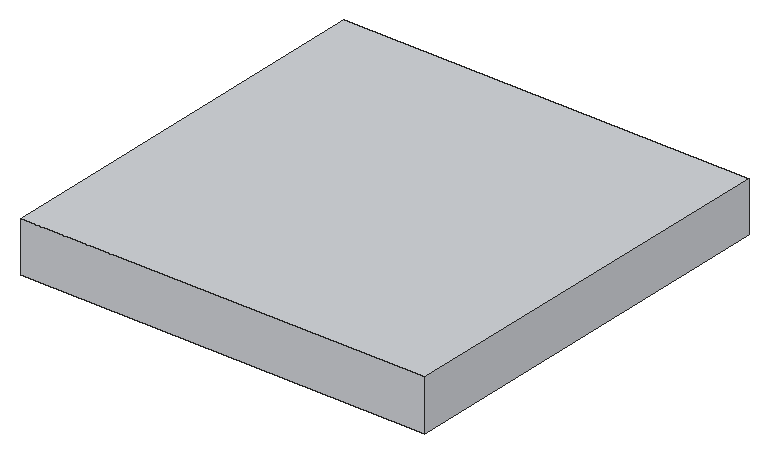
Revit family "Sanitary_Taps-Mixers_DELABIE_180110-Floor-standing-ILHA-JR-drinking-f postraitement", category Appareils sanitaires, Revit 2018
Family settings
  Hôte = Face
  Cote de connecteur circulaire = Utiliser le diamètre
  Type d'élément = Normal
  Couper avec des vides une fois chargée = Non
  Partagée = Non
  Point de calcul de pièce = Non
Parameters
  Default Elevation = 1219.2 mm
Reference planes
  plane 1 "Centre (avant/arrière)": y = 0
  plane 2: z = 0
  plane 3 "Centre (gauche/droite)": x = 0
Forms (mm)
  Extrusion 1, solid
    sketch origin (0, 0, 0) x (1, 0, 0) y (0, 1, 0)
      loop
        line (-1219.2, 1219.2) -> (-1219.2, -1219.2) -> (1219.2, -1219.2) -> (1219.2, 1219.2) -> (-1219.2, 1219.2)
    from 0 to -304.8
Dimensions and locks
  aligned and locked: plane 2 to Extrusion 1
  aligned and locked: level to Extrusion 1
Nested families
  nested 1: "Sanitary_Taps-Mixers_DELABIE_180100-Floor-standing-ILHA-drinking-foun" at (0, 0, 0), type "Default"
Definition of nested family "Sanitary_Taps-Mixers_DELABIE_180100-Floor-standing-ILHA-drinking-foun"
  Parameters (values of type "Default")
    Youtube clip = ""
    Uniformat II Description = ""
    Uniformat II Code = ""
    Uniclass 2015 Name = "Drinking fountains"
    Uniclass 2015 Code = "Pr_40_20_87_24"
    Uniclass 2.0 Description = "Drinking Fountain Packages"
    Uniclass 2.0 Code = "PR-35-79-24"
    Uniclass 1.4 Description = "Fountains and water features"
    Uniclass 1.4 Code = "JS15"
    UNSPSC Code = "301815"
    Technical description = "https://www.delabie.com/products/180820"
    Region South America = "AR, BO, BR, CL, CO, EC, FK, GF, GY, PE, PY, SR, UY, VE"
    Region Oceania = "AU, FJ, NC, NZ, PG, SB, TL, VU"
    Region North America = "BS, BZ, CA, CR, CU, DO, GL, GT, HN, HT, JM, MX, NI, PA, PR, SV, TT, US"
    Region Middle East = "AE, AF, EG, IL, IQ, IR, JO, KW, LB, OM, PS, QA, SA, SY, TR, YE"
    Region Europe = "AL, AT, BA, BE, BG, BY, CH, CY, CZ, DE, DK, EE, ES, FI, FR, GB, GR, HR, HU, IE, IS, IT, LT, LU, LV, MD, ME, MK, NL, NO, PL, PT, RO, RS, RU, SE, SI, SJ, SK, UA"
    Region Asia = "AM, AZ, BD, BN, BT, CN, GE, ID, IN, JP, KG, KH, KP, KR, KZ, LA, LK, MM, MN, MY, NP, PH, PK, TH, TJ, TM, TW, UZ, VN"
    Region Antarctica = "TF"
    Region Africa = "AO, BF, BI, BJ, BW, CD, CF, CG, CI, CM, DJ, DZ, EH, ER, ET, GA, GH, GM, GN, GQ, GW, KE, LR, LS, LY, MA, MG, ML, MR, MW, MZ, NA, NE, NG, RW, SD, SL, SN, SO, SS, SZ, TD, TG, TN, TZ, UG, ZA, ZM, ZW"
    QR code = "http://bimobject.com/delabie/product/180100"
    Product url = "https://www.delabie.com/products/180820"
    Product name = "180100 Floor-standing ILHA drinking fountain"
    Product group = "Washbasin"
    Product family = "Sanitary"
    Product data url = "https://bimobject.com/delabie/product/180100"
    Product certification = ""
    Product SKU = "180100"
    Product Guid = "bdb0c187-52cd-491c-8996-d7a5e56ede91"
    OmniClass Description = "Faucets"
    OmniClass Code = "23-31 11 00"
    NBS Reference Description = "Drinking Fountain Packages"
    NBS Reference Code = "35-79-24"
    Material secondary = ""
    Material main = "Stainless steel"
    Masterformat 2014 Description = "Drinking Fountains"
    Masterformat 2014 Code = "22 47 13"
    Manufacturer name = "DELABIE"
    Manufacturer country = ""
    Installation instructions = ""
    IFC Classification = "Sanitary Terminal"
    GTIN code = "https://3456330184007"
    Edition number = 1
    Design country = "France"
    Date of publishing = ""
    COBIe Type Category = ""
    Brand url = "http://www.delabie.com"
    BOS_1_Visibility = yes
    BOS_1_Material = none
    BOS_0_Visibility = yes
    BOS_0_Material = none
    BIMobject main category code = "sanitary"
    BIMobject main category = "Sanitary"
    BIMobject category code = "sanitary-taps-mixers"
    BIMobject category = "Taps & Mixers"
  Reference planes
    plane 1 "Center (Front/Back)": y = 0
    plane 2: z = 0
    plane 3 "Center (Left/Right)": x = 0
  Dimensions and locks
    aligned and locked: level to plane 2
  Imported bodies without a history: 1
